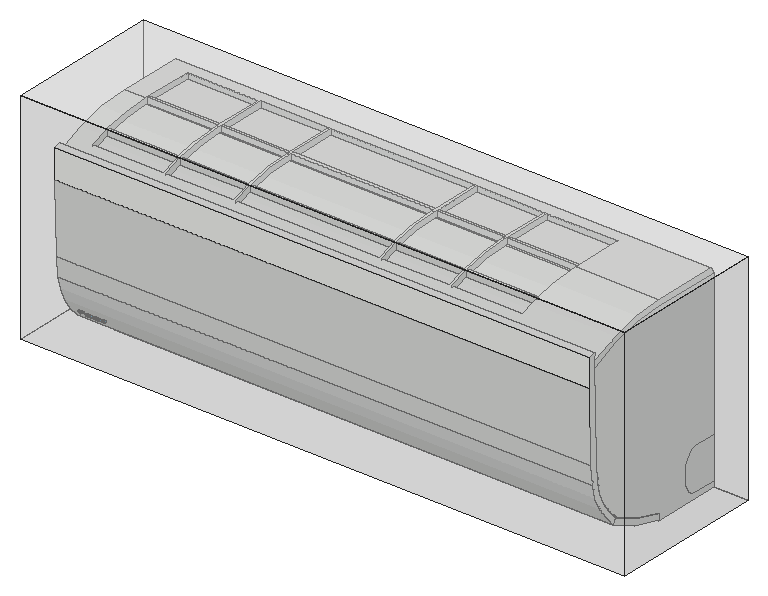
Revit family "outputfile", category 機械設備, Revit 2024
Family settings
  丸型コネクタ寸法 = 半径を使用
  パーツ タイプ = 標準
  OmniClass 番号 = 23.75.10.24.21.27.27
  OmniClass タイトル = Split System Air Conditioning Units
  作業面ベース = いいえ
  常に垂直 = はい
  ロード時にボイドで切り取り = いいえ
  注釈の向きを維持 = いいえ
  共有 = いいえ
  部屋計算ポイント = いいえ
Parameters (values of type "FTXF20W2VMA")
  Description = ""
  書き出し IFC クラス(タイプ) = "IfcUnitaryEquipmentType"
  定義済み IFC タイプ(タイプ) = "AIRCONDITIONINGUNIT"
  Cost = 0
  Type Comments = ""
  Keynote = ""
  Type Image = (empty or 0)
  Assembly Code = ""
  w_wall hole = if(Width = 770.0 mm, 48.0 mm, 60.0 mm)  # 48.0 mm
  製造元 = "Daikin"
  モデル = "FTXF20W2VMA"
  switch_frequency = yes
  r_Liquid Pipe Size = Liquid Pipe Size / 2  # 3.2 mm
  r_Gas Pipe Size = Gas Pipe Size / 2  # 4.75 mm
  r_Drain Pipe Size = Drain Pipe Size / 2  # 8.0 mm
  lw_powersupply [instance] = if(Width = 770.0 mm, if(or(Rear Right Connection_refrigerant, Bottom Right Connection_refrigerant), 25.0 mm, if(or(Rear Left Connection_refrigerant, Bottom Left Connection_refrigerant), 745.0 mm, 400.0 mm)), if(Width = 990.0 mm, if(or(Rear Right Connection_refrigerant, Bottom Right Connection_refrigerant), 40.0 mm, if(or(Rear Left Connection_refrigerant, Bottom Left Connection_refrigerant), 920.0 mm, 400.0 mm)), if(or(Rear Right Connection_refrigerant, Bottom Right Connection_refrigerant), 40.0 mm, if(or(Rear Left Connection_refrigerant, Bottom Left Connection_refrigerant), 920.0 mm, 400.0 mm))))  # 400.0 mm
  lw_liquidpipe [instance] = if(Width = 770.0 mm, if(or(Rear Right Connection_refrigerant, Bottom Right Connection_refrigerant), 0.0 mm, if(or(Rear Left Connection_refrigerant, Bottom Left Connection_refrigerant), 664.0 mm, 385.0 mm)), if(Width = 990.0 mm, if(or(Rear Right Connection_refrigerant, Bottom Right Connection_refrigerant), 0.0 mm, if(or(Rear Left Connection_refrigerant, Bottom Left Connection_refrigerant), 664.0 mm + (990.0 mm - 770.0 mm), 475.0 mm)), if(or(Rear Right Connection_refrigerant, Bottom Right Connection_refrigerant), 0.0 mm, if(or(Rear Left Connection_refrigerant, Bottom Left Connection_refrigerant), 664.0 mm + (990.0 mm - 770.0 mm), 475.0 mm))))  # 385.0 mm
  lw_gaspipe [instance] = if(Width = 770.0 mm, if(or(Rear Right Connection_refrigerant, Bottom Right Connection_refrigerant), 0.0 mm, if(or(Rear Left Connection_refrigerant, Bottom Left Connection_refrigerant), 675.0 mm, if(Gas Pipe Size = 12.7 mm, 335.0 mm, 335.0 mm))), if(Width = 990.0 mm, if(or(Rear Right Connection_refrigerant, Bottom Right Connection_refrigerant), 10.0 mm, if(or(Rear Left Connection_refrigerant, Bottom Left Connection_refrigerant), 890.0 mm, if(Gas Pipe Size = 15.9 mm, 400.0 mm, 400.0 mm))), if(or(Rear Right Connection_refrigerant, Bottom Right Connection_refrigerant), 10.0 mm, if(or(Rear Left Connection_refrigerant, Bottom Left Connection_refrigerant), 890.0 mm, if(Gas Pipe Size = 15.9 mm, 400.0 mm, 400.0 mm)))))  # 335.0 mm
  lw_drainpipe [instance] = if(Width = 770.0 mm, if(or(Rear Right Connection_refrigerant, Bottom Right Connection_refrigerant), 0.0 mm, if(or(Rear Left Connection_refrigerant, Bottom Left Connection_refrigerant), 770.0 mm - 48.0 mm - 48.0 mm, 440.0 mm)), if(Width = 990.0 mm, if(or(Rear Right Connection_refrigerant, Bottom Right Connection_refrigerant), 0.0 mm, if(or(Rear Left Connection_refrigerant, Bottom Left Connection_refrigerant), 675.0 mm + (990.0 mm - 770.0 mm), 435.0 mm)), if(or(Rear Right Connection_refrigerant, Bottom Right Connection_refrigerant), 0.0 mm, if(or(Rear Left Connection_refrigerant, Bottom Left Connection_refrigerant), 675.0 mm + (990.0 mm - 770.0 mm), 435.0 mm))))  # 440.0 mm
  l_powersupply_length [instance] = if(Width = 770.0 mm, if(Right Connection_refrigerant, 400.0 mm, if(Left Connection_refrigerant, 770.0 mm - 400.0 mm, if(or(Rear Left Connection_refrigerant, Rear Right Connection_refrigerant), 15.0 mm, 50.0 mm))), if(Width = 990.0 mm, if(Right Connection_refrigerant, 400.0 mm, if(Left Connection_refrigerant, 990.0 mm - 400.0 mm, if(or(Rear Left Connection_refrigerant, Rear Right Connection_refrigerant), 15.0 mm, 50.0 mm))), if(Right Connection_refrigerant, 400.0 mm, if(Left Connection_refrigerant, 990.0 mm - 400.0 mm, if(or(Rear Left Connection_refrigerant, Rear Right Connection_refrigerant), 15.0 mm, 50.0 mm)))))  # 400.0 mm
  l_liquidpipe_length [instance] = if(Width = 770.0 mm, if(Right Connection_refrigerant, 433.0 mm, if(Left Connection_refrigerant, 337.0 mm, if(or(Rear Left Connection_refrigerant, Rear Right Connection_refrigerant), 30.0 mm, 40.0 mm))), if(Width = 990.0 mm, if(Right Connection_refrigerant, 535.0 mm, if(Left Connection_refrigerant, 455.0 mm, if(or(Rear Left Connection_refrigerant, Rear Right Connection_refrigerant), 30.0 mm, 40.0 mm))), if(Right Connection_refrigerant, 535.0 mm, if(Left Connection_refrigerant, 455.0 mm, if(or(Rear Left Connection_refrigerant, Rear Right Connection_refrigerant), 30.0 mm, 40.0 mm)))))  # 433.0 mm
  l_gaspipe_length [instance] = if(Width = 770.0 mm, if(Right Connection_refrigerant, if(Gas Pipe Size = 12.7 mm, 383.0 mm, 383.0 mm), if(Left Connection_refrigerant, if(Gas Pipe Size = 12.7 mm, 770.0 mm - 383.0 mm, 770.0 mm - 383.0 mm), if(or(Rear Left Connection_refrigerant, Rear Right Connection_refrigerant), 40.0 mm, 50.0 mm))), if(Width = 990.0 mm, if(Right Connection_refrigerant, if(Gas Pipe Size = 15.9 mm, 460.0 mm, 460.0 mm), if(Left Connection_refrigerant, if(Gas Pipe Size = 15.9 mm, 990.0 mm - 460.0 mm, 990.0 mm - 460.0 mm), if(or(Rear Left Connection_refrigerant, Rear Right Connection_refrigerant), 40.0 mm, 50.0 mm))), if(Right Connection_refrigerant, if(Gas Pipe Size = 15.9 mm, 460.0 mm, 460.0 mm), if(Left Connection_refrigerant, if(Gas Pipe Size = 15.9 mm, 990.0 mm - 460.0 mm, 990.0 mm - 460.0 mm), if(or(Rear Left Connection_refrigerant, Rear Right Connection_refrigerant), 40.0 mm, 50.0 mm)))))  # 383.0 mm
  l_drainpipe_length [instance] = if(Width = 770.0 mm, if(Right Connection_refrigerant, 488.0 mm, if(Left Connection_refrigerant, 282.0 mm, if(or(Rear Left Connection_refrigerant, Rear Right Connection_refrigerant), 15.0 mm, 20.0 mm))), if(Width = 990.0 mm, if(Right Connection_refrigerant, 495.0 mm, if(Left Connection_refrigerant, 495.0 mm, if(or(Rear Left Connection_refrigerant, Rear Right Connection_refrigerant), 15.0 mm, 20.0 mm))), if(Right Connection_refrigerant, 495.0 mm, if(Left Connection_refrigerant, 495.0 mm, if(or(Rear Left Connection_refrigerant, Rear Right Connection_refrigerant), 15.0 mm, 20.0 mm)))))  # 488.0 mm
  h*** = 0.0 mm  # constant formula
  connector_voltage = Voltage_50Hz  # 230 V
  connector_powerinput = if([Power Input (Cooling)] > [Power Input (Heating)], [Power Input (Cooling)], [Power Input (Heating)])  # 0.000 kW
  connector_phase = Phase_50Hz  # 1
  angle_vertical [instance] = if(or(Bottom Left Connection_refrigerant, Bottom Right Connection_refrigerant), 0.00°, 90.00°)  # 90.00°
  angle_horizontal [instance] = if(Right Connection_refrigerant, 90.00°, if(Left Connection_refrigerant, -90.00°, if(or(Rear Left Connection_refrigerant, Rear Right Connection_refrigerant), 180.00°, 0.00°)))  # 90.00°
  Width = 770.0 mm
  Voltage_comment_50Hz = "220 - 240"
  Voltage_50Hz = 230 V
  Version = "ver.1.0"
  Unit Type = "Wall Mounted"
  Unit Mass Weight = 9.00 kg
  Unit Designation [instance] = ""
  Uniclass2015Version = "Products v1.30"
  Uniclass2015Title = "Split coil room air conditioning units"
  Uniclass2015Code = "Pr_70_65_03_86"
  URL = ""
  Total Heating Capacity [instance] = 0.000 kW
  Total Cooling Capacity [instance] = 0.000 kW
  Sound Pressure Level_M speed (dBA) = 33
  Sound Pressure Level_L speed (dBA) = 27
  Sound Pressure Level_H speed (dBA) = 39
  Sound Power Level_H speed (dB) = 0
  Series = "Single Split_Fan Coil Unit"
  Sensible Cooling Capacity [instance] = 0.000 kW
  Refrigerant Type = "R32"
  Power Input (Heating) = 0.000 kW
  Power Input (Cooling) = 0.000 kW
  Phase_50Hz = 1
  Option Accessory 3 [instance] = ""
  Option Accessory 2 [instance] = ""
  Option Accessory 1 [instance] = ""
  Nominal Heating Capacity = 2.500 kW
  Nominal Cooling Capacity = 2.000 kW
  Minimum Circuit Amps_50Hz = 0.0 A
  Minimum Airflow = 306.00 m³/h
  Median Airflow = 390.00 m³/h
  Maximum Fuse Amps_50Hz = 0.0 A
  Maximum Airflow = 546.00 m³/h
  Material_Casing = DAIKIN_PureWhite_Casing_indoorunit
  Load Classification = HVAC
  Liquid Pipe Size = 6.4 mm
  Link_Nested Family [instance] = ""
  IfcVersion = ""
  IfcExportType = "AIRCONDITIONINGUNIT"
  IfcExportAs = "IfcUnitaryEquipmentType"
  Height = 285.0 mm
  Heating Entering Wet Bulb Temperature [instance] = 0.00 °C
  Heating Entering Dry Bulb Temperature [instance] = 0.00 °C
  Heating Ambient Wet Bulb Temperature [instance] = 0.00 °C
  Heating Ambient Dry Bulb Temperature [instance] = 0.00 °C
  Heat Exchanger Type = "Cross Fin Coil"
  Gas Pipe Size = 9.5 mm
  Frequency_50Hz = 50 Hz
  Fan Type = "Cross Flow Fan"
  Fan Drive = "Direct Drive"
  FCU Tag No. [instance] = ""
  Drain Pipe Size = 16.0 mm
  Design Supply Airflow [instance] = 0.00 m³/h
  Depth = 223.0 mm
  既定の高さ = 0.0 mm
  Cooling Entering Wet Bulb Temperature [instance] = 0.00 °C
  Cooling Entering Dry Bulb Temperature [instance] = 0.00 °C
  Cooling Ambient Wet Bulb Temperature [instance] = 0.00 °C
  Cooling Ambient Dry Bulb Temperature [instance] = 0.00 °C
  Clearance visibility [instance] = yes
  Clearance Top = 30.0 mm
  Clearance Right = 50.0 mm
  Clearance Rear = 0.0 mm
  Clearance Left = 50.0 mm
  Clearance Front = 0.0 mm
  Clearance Bottom = 0.0 mm
  Bottom Right Connection_refrigerant [instance] = no
  Bottom Left Connection_refrigerant [instance] = no
  Rear Right Connection_refrigerant [instance] = no
  Rear Left Connection_refrigerant [instance] = no
  Right Connection_refrigerant [instance] = yes
  Left Connection_refrigerant [instance] = no
Reference planes
  plane 1 "Back": y = 0
  plane 2: z = 0
  plane 3 "Center (Left/Right)": x = 0
  plane 4 "Center (Front/Back)": y = -111.5
  plane 5 "Front": y = -223
  plane 6 "Left": x = -385
  plane 7 "Right": x = 385
  plane 8 "Top": z = 0
  plane 9 "Bottom": z = -285
  plane 10: x = -435
  plane 11: x = 435
  plane 12: y = 0
  plane 13: y = -223
  plane 14: z = 30
  plane 15: z = -285
  plane 16 "lw_Piping and Wiring intake": x = 337
  plane 17 "lw_gaspipe": x = 2
  plane 18 "lw_liquidpipe": x = -48
  plane 19 "lw_drainpipe": x = -103
  plane 20 "lh_drainpipe": z = -265
  plane 21 "lh_liquidpipe": z = -245
  plane 22 "lh_gaspipe": z = -235
  plane 23 "ld_drainpipe": y = -15
  plane 24 "ld_liquidpipe": y = -30
  plane 25 "ld_gaspipe": y = -40
  plane 26 "lw_powersupply": x = -15
Dimensions and locks
  equal spacing: plane 6 "Left", plane 3 "Center (Left/Right)", plane 7 "Right"
  "Width": plane 6 "Left" to plane 7 "Right"
  equal spacing: plane 5 "Front", plane 4 "Center (Front/Back)", plane 1 "Back"
  "Depth": plane 5 "Front" to plane 1 "Back"
  "Height": plane 8 "Top" to plane 9 "Bottom"
  "Clearance Rear": plane 12 to plane 1 "Back"
  "Clearance Front": plane 13 to plane 5 "Front"
  "Clearance Top": plane 14 to plane 8 "Top"
  "Clearance Bottom": plane 9 "Bottom" to plane 15
  "w_wall hole": plane 16 "lw_Piping and Wiring intake" to plane 7 "Right"
  "lw_gaspipe": plane 17 "lw_gaspipe" to plane 16 "lw_Piping and Wiring intake"
  "lw_liquidpipe": plane 18 "lw_liquidpipe" to plane 16 "lw_Piping and Wiring intake"
  "lw_drainpipe": plane 19 "lw_drainpipe" to plane 16 "lw_Piping and Wiring intake"
  locked: plane 20 "lh_drainpipe" to plane 9 "Bottom" at 20
  locked: plane 21 "lh_liquidpipe" to plane 9 "Bottom" at 40
  locked: plane 22 "lh_gaspipe" to plane 9 "Bottom" at 50
  locked: plane 23 "ld_drainpipe" to plane 1 "Back" at 15
  locked: plane 1 "Back" to plane 24 "ld_liquidpipe" at 30
  locked: plane 1 "Back" to plane 25 "ld_gaspipe" at 40
  "lw_powersupply": plane 26 "lw_powersupply" to plane 7 "Right"
  "Clearance Left": plane 10 to plane 6 "Left"
  "Clearance Right": plane 7 "Right" to plane 11
  aligned and locked: level to plane 2
  aligned and locked: plane 12 to nested 1
  aligned and locked: nested 1 to plane 13
  aligned and locked: plane 10 to nested 1
  aligned and locked: plane 11 to nested 1
  aligned and locked: plane 15 to nested 1
  aligned and locked: plane 14 to nested 1
  aligned and locked: plane 17 "lw_gaspipe" to nested 2
  aligned and locked: nested 2 to plane 25 "ld_gaspipe"
  aligned and locked: plane 18 "lw_liquidpipe" to nested 3
  aligned and locked: nested 3 to plane 24 "ld_liquidpipe"
  aligned and locked: plane 19 "lw_drainpipe" to nested 4
  aligned and locked: nested 4 to plane 23 "ld_drainpipe"
  aligned and locked: nested 5 to plane 23 "ld_drainpipe"
  aligned and locked: plane 26 "lw_powersupply" to nested 5
  aligned and locked: level to plane 8 "Top"
  aligned and locked: plane 3 "Center (Left/Right)" to nested 6
  aligned and locked: plane 1 "Back" to nested 6
  aligned and locked: plane 8 "Top" to nested 6
Nested families
  nested 1: "daikin_clearancespace" at (0, -111.5, -127.381), show <- "Clearance visibility", visible <- "Clearance visibility", Link_Nested Family <- "Link_Nested Family", type "daikin_clearancespace"
    with width 870.0 mm, show yes, height 315.0 mm, depth 223.0 mm, Link_Nested Family ""
  nested 2: "daikin_connector_rotate3" at (2, -40, -235), angle_vertical <- "angle_vertical", angle_horizontal <- "angle_horizontal", length <- "l_gaspipe_length", radius <- "r_Gas Pipe Size", type "daikin_connector_rotate3"
    with show no, radius 4.75 mm, length 383.0 mm, angle_vertical 90.00°, angle_horizontal 90.00°
  nested 3: "daikin_connector_rotate3" at (-48, -30, -245), angle_vertical <- "angle_vertical", angle_horizontal <- "angle_horizontal", radius <- "r_Liquid Pipe Size", length <- "l_liquidpipe_length", type "daikin_connector_rotate3"
    with show no, radius 3.2 mm, length 433.0 mm, angle_vertical 90.00°, angle_horizontal 90.00°
  nested 4: "daikin_connector_rotate3" at (-103, -15, -265), angle_vertical <- "angle_vertical", angle_horizontal <- "angle_horizontal", length <- "l_drainpipe_length", radius <- "r_Drain Pipe Size", type "daikin_connector_rotate3"
    with show no, radius 8.0 mm, length 488.0 mm, angle_vertical 90.00°, angle_horizontal 90.00°
  nested 5: "daikin_connector_rotate3" at (-15, -15, -235), angle_vertical <- "angle_vertical", angle_horizontal <- "angle_horizontal", length <- "l_powersupply_length", type "daikin_connector_rotate3"
    with show no, radius 10.0 mm, length 400.0 mm, angle_vertical 90.00°, angle_horizontal 90.00°
  nested 6: "DAIKIN_indoorunit_FTXF-W2VMA" at (-31, 0, 0), type "FTXF-W2VMA"
Connectors
  piping at (385, -40, -235), diameter 9.5, driven by "r_Gas Pipe Size"
    settings: on nested 2, index 1, connector inside diameter 609.6 mm, connector length 0.0 mm, flow factor 0, pipe flow 0.00 m³/h, pressure drop 0.0 Pa, fitting loss kfactor 0, connector angle 0.00°, fixture units 0, engagement length 0.0 mm, angle of deflection 0.00°, flow configuration 1, flow direction 2, fitting loss method 0, system type 29, joint type 0, gender type 0, connector reference index -1, connector utility 0, adjustable connector no, is connector primary yes, connector description "Refrigerant Gas Piping"
  piping at (385, -30, -245), diameter 6.4, driven by "r_Liquid Pipe Size"
    settings: on nested 3, index 2, connector inside diameter 609.6 mm, connector length 0.0 mm, flow factor 0, pipe flow 0.00 m³/h, pressure drop 0.0 Pa, fitting loss kfactor 0, connector angle 0.00°, fixture units 0, engagement length 0.0 mm, angle of deflection 0.00°, flow configuration 1, flow direction 1, fitting loss method 0, system type 29, joint type 0, gender type 0, connector reference index -1, connector utility 0, adjustable connector no, is connector primary no, connector description "Refrigerant Liquid Piping"
  piping at (385, -15, -265), diameter 16, driven by "r_Drain Pipe Size"
    settings: on nested 4, index 3, connector inside diameter 609.6 mm, connector length 0.0 mm, flow factor 0, pipe flow 0.00 m³/h, pressure drop 0.0 Pa, fitting loss kfactor 0, connector angle 0.00°, fixture units 0, engagement length 0.0 mm, angle of deflection 0.00°, flow configuration 1, flow direction 2, fitting loss method 4, system type 16, joint type 0, gender type 0, connector reference index -1, connector utility 0, adjustable connector no, is connector primary no, connector description "Condensate Drain Piping"
  electrical at (385, -15, -235), driven by "Load Classification", driven by "connector_powerinput", driven by "connector_voltage", driven by "connector_phase"
    settings: on nested 5, index 4, voltage 230 V, apparent load 0 VA, apparent load phase1 0 VA, apparent load phase2 0 VA, apparent load phase3 0 VA, power factor 1, load classification "HVAC", number of poles 1, system type 30, power factor state 1, is connector primary yes, connector utility no, sub classification motor no, connector description "Power Supply"
Definition of nested family "daikin_clearancespace"
  Parameters (values of type "daikin_clearancespace")
    Description = "daikin_clearancespace"
    width [instance] = 1823.963 mm
    show [instance] = yes
    material = none
    height [instance] = 1359.762 mm
    depth [instance] = 880.0 mm
    Default Elevation = 0.0 mm
    Link_Nested Family [instance] = ""
  Reference planes
    plane 1 "Center (Front/Back)": y = 0
    plane 2 "Center (Elevation)": z = -0.119
    plane 3 "Center (Left/Right)": x = 0
    plane 4: y = 440
    plane 5: y = -440
    plane 6 "Right": x = 911.982
    plane 7 "Left": x = -911.982
    plane 8 "Top": z = 679.762
    plane 9 "Bottom": z = -680
  Forms (mm)
    Extrusion 1, solid, material <- "material", visible <- "show"
      sketch origin (0, 0, 0) x (1, 0, 0) y (0, 1, 0)
        loop
          line (-911.982, 440) -> (-911.982, -440) -> (911.982, -440) -> (911.982, 440) -> (-911.982, 440)
      from -680 to 679.762
  Lines and regions (mm)
    symbolic lines, visible <- "show"
      curve 1: line (911.982, 440, 0) -> (-911.982, 440, 0)
      curve 2: line (-911.982, 440, 0) -> (-911.982, -440, 0)
      curve 3: line (-911.982, -440, 0) -> (911.982, -440, 0)
      curve 4: line (911.982, -440, 0) -> (911.982, 440, 0)
      curve 5: line (911.982, 0, 679.762) -> (-911.982, 0, 679.762)
      curve 6: line (911.982, 0, -680) -> (911.982, 0, 679.762)
      curve 7: line (-911.982, 0, -680) -> (911.982, 0, -680)
      curve 8: line (-911.982, 0, 679.762) -> (-911.982, 0, -680)
      curve 9: line (0, 440, 679.762) -> (0, -440, 679.762)
      curve 10: line (0, -440, 679.762) -> (0, -440, -680)
      curve 11: line (0, 440, -680) -> (0, 440, 679.762)
      curve 12: line (0, -440, -680) -> (0, 440, -680)
  Dimensions and locks
    "width": plane 7 "Left" to plane 6 "Right"
    "depth": plane 4 to plane 5
    "height": plane 8 "Top" to plane 9 "Bottom"
    equal spacing: plane 7 "Left", plane 3 "Center (Left/Right)", plane 6 "Right"
    equal spacing: plane 4, plane 1 "Center (Front/Back)", plane 5
    equal spacing: plane 8 "Top", plane 2 "Center (Elevation)", plane 9 "Bottom"
    aligned and locked: level to plane 2 "Center (Elevation)"
    aligned and locked: Extrusion 1 sketch curve to plane 4
    aligned and locked: plane 7 "Left" to Extrusion 1 sketch curve
    aligned and locked: Extrusion 1 sketch curve to plane 5
    aligned and locked: Extrusion 1 sketch curve to plane 6 "Right"
    aligned and locked: plane 8 "Top" to Extrusion 1
    aligned and locked: curve 1 to Extrusion 1
    aligned and locked: curve 2 to Extrusion 1
    aligned and locked: curve 3 to Extrusion 1
    aligned and locked: curve 4 to Extrusion 1
    aligned and locked: curve 5 to Extrusion 1
    aligned and locked: curve 6 to Extrusion 1
    aligned and locked: curve 7 to Extrusion 1
    aligned and locked: curve 8 to Extrusion 1
    aligned and locked: curve 9 to Extrusion 1
    aligned and locked: curve 10 to Extrusion 1
    aligned and locked: curve 11 to Extrusion 1
    aligned and locked: curve 12 to Extrusion 1
    aligned and locked: Extrusion 1 to plane 9 "Bottom"
Definition of nested family "DAIKIN_indoorunit_FTXF-W2VMA"
  Parameters (values of type "FTKF-TVMA")
    switch_unit1_60-71 = Width = 990.0 mm  # no
    switch_unit1_20-50 = Width = 770.0 mm  # yes
    Width = 770.0 mm
    WALL HOLE-R = if(Width = 770.0 mm, 48.0 mm, 60.0 mm)  # 48.0 mm
    WALL HOLE Size = if(Width = 770.0 mm, 65.0 mm, 80.0 mm)  # 65.0 mm
    Material_Casing = none
    Height = if(Width = 770.0 mm, 285.0 mm, 295.0 mm)  # 285.0 mm
    Default Elevation = 0.0 mm
  Reference planes
    plane 1 "Center (Front/Back)": y = 0
    plane 2 "reference_level": z = 0
    plane 3 "Center (Left/Right)": x = 31
    plane 4: x = -354
    plane 5: x = 416
    plane 6: z = -285
  Forms (mm)
    Extrusion 1, solid, material <- "Material_Casing", visible <- "switch_unit1_20-50"
      sketch origin (29, 0, 0) x (0, 1, 0) y (0, 0, 1)
        loop
          line (-5, 0) -> (-98, 0)
          arc (-98, 0) -> (-157.611, -7.211) -> (-213.783, -28.427) r 250
          arc (-213.783, -28.427) -> (-213.842, -32.972) -> (-213.892, -37.516) r 2191
          arc (-213.892, -37.516) -> (-157.832, -15.495) -> (-98.07, -8) r 242
          line (-98.07, -8) -> (0, -8) -> (-5, 0)
      from -383 to 387
    Extrusion 2, solid, material <- "Material_Casing", visible <- "switch_unit1_20-50"
      sketch origin (416, 1296.25, 1200) x (0, 1, 0) y (0, 0, 1)
        loop
          line (-1472.998, -1446.91) -> (-1476.998, -1453.839)
          arc (-1476.998, -1453.839) -> (-1437.481, -1472.422) -> (-1395.25, -1483.538) r 240
          line (-1395.25, -1483.538) -> (-1395.25, -1475.422)
          arc (-1395.25, -1475.422) -> (-1435.407, -1464.663) -> (-1472.998, -1446.91) r 232
      from 0 to -47.5
    Extrusion 3, solid, material <- "Material_Casing", visible <- "switch_unit1_20-50"
      sketch origin (29, 0, 0) x (0, 1, 0) y (0, 0, 1)
        loop
          arc (-223, -60.455) -> (-222.414, -110.646) -> (-220.656, -160.81) r 2149.92
          arc (-220.656, -160.81) -> (-219.65, -174.299) -> (-217.853, -187.706) r 229.911
          arc (-217.853, -187.706) -> (-205.371, -223.594) -> (-181.517, -253.17) r 111
          line (-181.517, -253.17) -> (-177.429, -246.093)
          arc (-177.429, -246.093) -> (-198.77, -218.989) -> (-209.965, -186.36) r 103
          arc (-209.965, -186.36) -> (-211.681, -173.586) -> (-212.651, -160.735) r 221.844
          arc (-212.651, -160.735) -> (-214.739, -93.233) -> (-214.74, -25.699) r 2186.828
          arc (-214.74, -25.699) -> (-214.671, -21.467) -> (-214.594, -17.235) r 2192
          line (-214.594, -17.235) -> (-223, -19.961) -> (-223, -60.455)
      from -383 to 387
    Extrusion 4, solid, material <- "Material_Casing", visible <- "switch_unit1_20-50"
      sketch origin (29, 0, -20) x (0, 1, 0) y (0, 0, 1)
        loop
          line (0, -265) -> (0, 12) -> (-98.07, 12)
          arc (-98.07, 12) -> (-157.832, 4.505) -> (-213.892, -17.516) r 242
          arc (-213.892, -17.516) -> (-213.638, -79.114) -> (-211.653, -140.681) r 2191
          arc (-211.653, -140.681) -> (-210.685, -153.501) -> (-208.973, -166.243) r 221
          arc (-208.973, -166.243) -> (-197.471, -199.282) -> (-175.482, -226.491) r 102
          arc (-175.482, -226.491) -> (-138.004, -244.019) -> (-98, -254.579) r 231
          line (-98, -254.579) -> (-98, -265) -> (0, -265)
      from -383 to 387
    Extrusion 5, solid, material <- "Material_Casing", visible <- "switch_unit1_20-50"
      sketch origin (-354, 1296.25, 1200) x (0, 1, 0) y (0, 0, 1)
        loop
          line (-1472.998, -1446.91) -> (-1476.998, -1453.839)
          arc (-1476.998, -1453.839) -> (-1437.481, -1472.422) -> (-1395.25, -1483.538) r 240
          line (-1395.25, -1483.538) -> (-1395.25, -1475.422)
          arc (-1395.25, -1475.422) -> (-1435.407, -1464.663) -> (-1472.998, -1446.91) r 232
      from 47 to 0
    Extrusion 6, solid, material <- "Material_Casing", visible <- "switch_unit1_20-50"
      sketch origin (416, 1296.25, 1200) x (0, 1, 0) y (0, 0, 1)
        loop
          line (-1472.998, -1446.91) -> (-1476.998, -1453.839)
          arc (-1476.998, -1453.839) -> (-1443.437, -1470.168) -> (-1407.75, -1481.097) r 240
          line (-1407.75, -1481.097) -> (-1407.75, -1472.894)
          arc (-1407.75, -1472.894) -> (-1441.363, -1462.385) -> (-1472.998, -1446.91) r 232
      from -116.993 to -48.493
    Extrusion 7, solid, material <- "Material_Casing", visible <- "switch_unit1_20-50"
      sketch origin (416, 1296.25, 1200) x (0, 1, 0) y (0, 0, 1)
        loop
          line (-1472.998, -1446.91) -> (-1476.998, -1453.839)
          arc (-1476.998, -1453.839) -> (-1443.437, -1470.168) -> (-1407.75, -1481.097) r 240
          line (-1407.75, -1481.097) -> (-1407.75, -1472.894)
          arc (-1407.75, -1472.894) -> (-1441.363, -1462.385) -> (-1472.998, -1446.91) r 232
      from -717 to -121.993
    Extrusion 8, void
      sketch origin (31, 0, -235) x (1, 0, 0) y (0, 1, 0)
        loop
          line (-252.674, -22.316) -> (-354.941, -22.316) -> (-354.941, -91.341) -> (-252.674, -91.341) -> (-252.674, -22.316)
        loop
          line (-249.341, -91.341) -> (-151.574, -91.341) -> (-151.574, -22.316) -> (-249.341, -22.316) -> (-249.341, -91.341)
        loop
          line (58.309, -22.316) -> (-148.309, -22.316) -> (-148.309, -91.341) -> (58.309, -91.341) -> (58.309, -22.316)
        loop
          line (61.689, -22.316) -> (61.689, -91.341) -> (159.457, -91.341) -> (159.457, -22.316) -> (61.689, -22.316)
        loop
          line (162.789, -22.316) -> (162.789, -91.341) -> (265.057, -91.341) -> (265.057, -22.316) -> (162.789, -22.316)
        loop
          line (-354.941, -94.659) -> (-354.941, -165.259) -> (-252.674, -165.259) -> (-252.674, -94.659) -> (-354.941, -94.659)
        loop
          line (-249.341, -94.659) -> (-249.341, -165.259) -> (-151.574, -165.259) -> (-151.574, -94.659) -> (-249.341, -94.659)
        loop
          line (-148.309, -94.659) -> (-148.309, -165.259) -> (58.309, -165.259) -> (58.309, -94.659) -> (-148.309, -94.659)
        loop
          line (61.689, -94.659) -> (61.689, -165.259) -> (159.457, -165.259) -> (159.457, -94.659) -> (61.689, -94.659)
        loop
          line (162.789, -94.659) -> (162.789, -165.259) -> (265.057, -165.259) -> (265.057, -94.659) -> (162.789, -94.659)
        loop
          line (-354.941, -167.382) -> (-354.941, -192.681) -> (-252.674, -192.681) -> (-252.674, -167.382) -> (-354.941, -167.382)
        loop
          line (-249.341, -167.382) -> (-249.341, -192.681) -> (-151.574, -192.681) -> (-151.574, -167.382) -> (-249.341, -167.382)
        loop
          line (-148.309, -167.382) -> (-148.309, -192.681) -> (58.309, -192.681) -> (58.309, -167.382) -> (-148.309, -167.382)
        loop
          line (159.457, -167.382) -> (61.689, -167.382) -> (61.689, -192.681) -> (159.457, -192.681) -> (159.457, -167.382)
        loop
          line (265.057, -167.382) -> (162.789, -167.382) -> (162.789, -192.681) -> (265.057, -192.681) -> (265.057, -167.382)
      from 201.638 to 250
    Extrusion 9, solid, material <- "Material_Casing"
      sketch origin (31, 0, 0) x (1, 0, 0) y (0, 0, 1)
        loop
          circle (337, -240.5) r 32.5
        loop
          circle (-337, -240.5) r 32.5
      from 0 to 5
    Extrusion 10, solid, material <- "Material_Casing", visible <- "switch_unit1_20-50"
      sketch origin (416, 1296.25, 1200) x (0, -1, 0) y (0, 0, 1)
        loop
          line (1326.25, -1417) -> (1296.25, -1417) -> (1296.25, -1477) -> (1326.25, -1477)
          arc (1326.25, -1477) -> (1340.393, -1471.142) -> (1346.25, -1457) r 20
          line (1346.25, -1457) -> (1346.25, -1437)
          arc (1346.25, -1437) -> (1340.393, -1422.858) -> (1326.25, -1417) r 20
      from 0 to 5
    Extrusion 11, solid, material <- "Material_Casing", visible <- "switch_unit1_20-50"
      sketch origin (-354, 1296.25, 1200) x (0, 1, 0) y (0, 0, 1)
        loop
          line (-1296.25, -1417) -> (-1326.25, -1417)
          arc (-1326.25, -1417) -> (-1340.393, -1422.858) -> (-1346.25, -1437) r 20
          line (-1346.25, -1437) -> (-1346.25, -1457)
          arc (-1346.25, -1457) -> (-1340.393, -1471.142) -> (-1326.25, -1477) r 20
          line (-1326.25, -1477) -> (-1296.25, -1477) -> (-1296.25, -1417)
      from 0 to 5
    Extrusion 12, solid, material <- "Material_Casing", visible <- "switch_unit1_20-50"
      sketch origin (31, 0, -285) x (-1, 0, 0) y (0, -1, 0)
        loop
          line (-314, 0) -> (-314, 30)
          arc (-314, 30) -> (-319.858, 44.142) -> (-334, 50) r 20
          line (-334, 50) -> (-354, 50)
          arc (-354, 50) -> (-368.142, 44.142) -> (-374, 30) r 20
          line (-374, 30) -> (-374, 0) -> (-314, 0)
        loop
          line (374, 0) -> (374, 30)
          arc (374, 30) -> (368.142, 44.142) -> (354, 50) r 20
          line (354, 50) -> (334, 50)
          arc (334, 50) -> (319.858, 44.142) -> (314, 30) r 20
          line (314, 30) -> (314, 0) -> (374, 0)
      from 0 to 5
    Extrusion 13, solid, material <- "Material_Casing", visible <- "switch_unit1_60-71"
      sketch origin (31, 0, 0) x (0, 1, 0) y (0, 0, 1)
        loop
          line (-5, 0) -> (-138, 0)
          arc (-138, 0) -> (-197.611, -7.211) -> (-253.783, -28.427) r 250
          arc (-253.783, -28.427) -> (-253.838, -32.687) -> (-253.886, -36.946) r 2191
          arc (-253.886, -36.946) -> (-197.73, -15.346) -> (-138.014, -8) r 246.393
          line (-138.014, -8) -> (0, -8) -> (-5, 0)
      from -495 to 495
    Extrusion 14, solid, material <- "Material_Casing", visible <- "switch_unit1_60-71"
      sketch origin (418, 1296.25, 1200) x (0, 1, 0) y (0, 0, 1)
        loop
          arc (-1515.208, -1454.149) -> (-1506.856, -1460.599) -> (-1497.925, -1466.219) r 110
          arc (-1497.925, -1466.219) -> (-1445.718, -1487.493) -> (-1389.844, -1494.995) r 223
          line (-1389.844, -1494.995) -> (-1389.844, -1486.086) -> (-1404.386, -1486.086)
          arc (-1404.386, -1486.086) -> (-1449.542, -1477.46) -> (-1491.818, -1459.402) r 214.289
          arc (-1491.818, -1459.402) -> (-1501.056, -1453.541) -> (-1509.606, -1446.715) r 101
          line (-1509.606, -1446.715) -> (-1515.208, -1454.149)
      from 108 to 57.5
    Extrusion 15, solid, material <- "Material_Casing", visible <- "switch_unit1_60-71"
      sketch origin (31, 0, 0) x (0, 1, 0) y (0, 0, 1)
        loop
          line (-263, -19.962) -> (-263, -61.6)
          arc (-263, -61.6) -> (-262.414, -110.219) -> (-260.656, -158.81) r 2017.341
          arc (-260.656, -158.81) -> (-255.648, -191.935) -> (-244.041, -223.362) r 164.725
          arc (-244.041, -223.362) -> (-233.569, -239.793) -> (-219.717, -253.495) r 87.379
          line (-219.717, -253.495) -> (-214.706, -246.846)
          arc (-214.706, -246.846) -> (-229.564, -230.029) -> (-240.385, -210.371) r 102
          arc (-240.385, -210.371) -> (-249.049, -182.962) -> (-252.848, -154.467) r 165.789
          arc (-252.848, -154.467) -> (-254.771, -90.102) -> (-254.74, -25.708) r 2122.533
          arc (-254.74, -25.708) -> (-254.671, -21.469) -> (-254.594, -17.23) r 2192
          line (-254.594, -17.23) -> (-263, -19.962)
      from -495 to 495
    Extrusion 16, void
      sketch origin (33, 0, 0) x (1, 0, 0) y (0, 1, 0)
        loop
          line (-466.909, -22.316) -> (-466.909, -111.341) -> (-366.303, -111.341) -> (-366.303, -22.316) -> (-466.909, -22.316)
        loop
          line (-362.71, -22.316) -> (-362.71, -111.341) -> (-262.103, -111.341) -> (-262.103, -22.316) -> (-362.71, -22.316)
        loop
          line (-258.51, -22.316) -> (-258.51, -111.341) -> (-157.904, -111.341) -> (-157.904, -22.316) -> (-258.51, -22.316)
        loop
          line (-154.31, -22.316) -> (-154.31, -111.341) -> (-53.704, -111.341) -> (-53.704, -22.316) -> (-154.31, -22.316)
        loop
          line (-50.11, -22.316) -> (-50.11, -111.341) -> (50.496, -111.341) -> (50.496, -22.316) -> (-50.11, -22.316)
        loop
          line (54.089, -22.316) -> (54.089, -111.341) -> (154.696, -111.341) -> (154.696, -22.316) -> (54.089, -22.316)
        loop
          line (158.289, -22.316) -> (158.289, -111.341) -> (258.895, -111.341) -> (258.895, -22.316) -> (158.289, -22.316)
        loop
          line (262.489, -22.316) -> (262.489, -111.341) -> (363.095, -111.341) -> (363.095, -22.316) -> (262.489, -22.316)
        loop
          line (-466.909, -114.459) -> (-466.909, -185.059) -> (-366.303, -185.059) -> (-366.303, -114.459) -> (-466.909, -114.459)
        loop
          line (-362.71, -114.459) -> (-362.71, -185.059) -> (-262.103, -185.059) -> (-262.103, -114.459) -> (-362.71, -114.459)
        loop
          line (-258.51, -114.459) -> (-258.51, -185.059) -> (-157.904, -185.059) -> (-157.904, -114.459) -> (-258.51, -114.459)
        loop
          line (-154.31, -114.459) -> (-154.31, -185.059) -> (-53.704, -185.059) -> (-53.704, -114.459) -> (-154.31, -114.459)
        loop
          line (-50.11, -114.459) -> (-50.11, -185.059) -> (50.496, -185.059) -> (50.496, -114.459) -> (-50.11, -114.459)
        loop
          line (54.089, -114.459) -> (54.089, -185.059) -> (154.696, -185.059) -> (154.696, -114.459) -> (54.089, -114.459)
        loop
          line (158.289, -114.459) -> (158.289, -185.059) -> (258.895, -185.059) -> (258.895, -114.459) -> (158.289, -114.459)
        loop
          line (262.489, -114.459) -> (262.489, -185.059) -> (363.095, -185.059) -> (363.095, -114.459) -> (262.489, -114.459)
        loop
          line (-466.909, -187.382) -> (-466.909, -232.681) -> (-366.303, -232.681) -> (-366.303, -187.382) -> (-466.909, -187.382)
        loop
          line (-362.71, -187.382) -> (-362.71, -232.681) -> (-262.103, -232.681) -> (-262.103, -187.382) -> (-362.71, -187.382)
        loop
          line (-258.51, -187.382) -> (-258.51, -232.681) -> (-157.904, -232.681) -> (-157.904, -187.382) -> (-258.51, -187.382)
        loop
          line (-154.31, -187.382) -> (-154.31, -232.681) -> (-53.704, -232.681) -> (-53.704, -187.382) -> (-154.31, -187.382)
        loop
          line (-50.11, -187.382) -> (-50.11, -232.681) -> (50.496, -232.681) -> (50.496, -187.382) -> (-50.11, -187.382)
        loop
          line (54.089, -187.382) -> (54.089, -232.681) -> (154.696, -232.681) -> (154.696, -187.382) -> (54.089, -187.382)
        loop
          line (158.289, -187.382) -> (158.289, -232.681) -> (258.895, -232.681) -> (258.895, -187.382) -> (158.289, -187.382)
        loop
          line (262.489, -187.382) -> (262.489, -232.681) -> (363.095, -232.681) -> (363.095, -187.382) -> (262.489, -187.382)
      from -40.013 to 47.268
    Extrusion 17, solid, material <- "Material_Casing", visible <- "switch_unit1_60-71"
      sketch origin (-356, 1296.25, 1200) x (0, 1, 0) y (0, 0, -1)
        loop
          line (-1515.208, 1454.149) -> (-1509.606, 1446.715)
          arc (-1509.606, 1446.715) -> (-1501.056, 1453.541) -> (-1491.818, 1459.402) r 101
          arc (-1491.818, 1459.402) -> (-1449.542, 1477.46) -> (-1404.386, 1486.086) r 214.289
          line (-1404.386, 1486.086) -> (-1389.844, 1486.086) -> (-1389.844, 1494.995)
          arc (-1389.844, 1494.995) -> (-1445.718, 1487.493) -> (-1497.925, 1466.219) r 223
          arc (-1497.925, 1466.219) -> (-1506.856, 1460.599) -> (-1515.208, 1454.149) r 110
      from 108 to 61
    Extrusion 18, solid, material <- "Material_Casing", visible <- "switch_unit1_60-71"
      sketch origin (418, 1296.25, 1200) x (0, 1, 0) y (0, 0, 1)
        loop
          arc (-1515.208, -1454.149) -> (-1506.856, -1460.599) -> (-1497.925, -1466.219) r 110
          arc (-1497.925, -1466.219) -> (-1463.185, -1482.066) -> (-1426.25, -1491.755) r 223
          line (-1426.25, -1491.755) -> (-1426.25, -1483.166)
          arc (-1426.25, -1483.166) -> (-1460.008, -1473.969) -> (-1491.818, -1459.402) r 214.289
          arc (-1491.818, -1459.402) -> (-1501.056, -1453.541) -> (-1509.606, -1446.715) r 101
          line (-1509.606, -1446.715) -> (-1515.208, -1454.149)
      from 56.5 to -36.993
    Extrusion 19, solid, material <- "Material_Casing", visible <- "switch_unit1_60-71"
      sketch origin (418, 1296.25, 1200) x (0, 1, 0) y (0, 0, 1)
        loop
          arc (-1426.25, -1483.166) -> (-1443.442, -1479.224) -> (-1460.25, -1473.881) r 214.289
          line (-1460.25, -1473.881) -> (-1460.25, -1483.089)
          arc (-1460.25, -1483.089) -> (-1443.421, -1488.091) -> (-1426.25, -1491.755) r 223
          line (-1426.25, -1491.755) -> (-1426.25, -1483.166)
      from -43.493 to -828.893
    Extrusion 20, solid, material <- "Material_Casing", visible <- "switch_unit1_60-71"
      sketch origin (418, 1296.25, 1200) x (0, 1, 0) y (0, 0, 1)
        loop
          arc (-1515.208, -1454.149) -> (-1506.856, -1460.599) -> (-1497.925, -1466.219) r 110
          arc (-1497.925, -1466.219) -> (-1479.479, -1475.527) -> (-1460.25, -1483.089) r 223
          line (-1460.25, -1483.089) -> (-1460.25, -1473.881)
          arc (-1460.25, -1473.881) -> (-1476.328, -1467.282) -> (-1491.818, -1459.402) r 214.289
          arc (-1491.818, -1459.402) -> (-1501.056, -1453.541) -> (-1509.606, -1446.715) r 101
          line (-1509.606, -1446.715) -> (-1515.208, -1454.149)
      from -43.493 to -828.893
    Extrusion 21, solid, material <- "Material_Casing", visible <- "switch_unit1_60-71"
      sketch origin (31, 0, -30) x (0, 1, 0) y (0, 0, 1)
        loop
          line (0, 22) -> (-138.014, 22)
          arc (-138.014, 22) -> (-197.73, 14.654) -> (-253.886, -6.946) r 246.393
          arc (-253.886, -6.946) -> (-253.682, -65.635) -> (-251.855, -124.295) r 2120.935
          arc (-251.855, -124.295) -> (-248.086, -152.682) -> (-239.461, -179.988) r 164.789
          arc (-239.461, -179.988) -> (-228.903, -199.231) -> (-214.437, -215.738) r 101
          line (-214.437, -215.738) -> (-212.406, -216.221)
          arc (-212.406, -216.221) -> (-204.07, -222.837) -> (-195.079, -228.53) r 100
          arc (-195.079, -228.53) -> (-145.557, -248.629) -> (-92.593, -255.785) r 213.289
          line (-92.593, -255.785) -> (-92.593, -265) -> (0, -265) -> (0, 22)
      from -495 to 495
    Extrusion 22, solid, material <- "Material_Casing", visible <- "switch_unit1_60-71"
      sketch origin (526, 1296.25, 1200) x (0, -1, 0) y (0, 0, 1)
        loop
          line (1326.25, -1427.035) -> (1296.25, -1427.035) -> (1296.25, -1487.035) -> (1326.25, -1487.035)
          arc (1326.25, -1487.035) -> (1340.393, -1481.177) -> (1346.25, -1467.035) r 20
          line (1346.25, -1467.035) -> (1346.25, -1447.035)
          arc (1346.25, -1447.035) -> (1340.393, -1432.892) -> (1326.25, -1427.035) r 20
      from 0 to 5
    Extrusion 23, solid, material <- "Material_Casing", visible <- "switch_unit1_60-71"
      sketch origin (-459, 1296.25, 1200) x (0, -1, 0) y (0, 0, 1)
        loop
          line (1326.25, -1427.035) -> (1296.25, -1427.035) -> (1296.25, -1487.035) -> (1326.25, -1487.035)
          arc (1326.25, -1487.035) -> (1340.393, -1481.177) -> (1346.25, -1467.035) r 20
          line (1346.25, -1467.035) -> (1346.25, -1447.035)
          arc (1346.25, -1447.035) -> (1340.393, -1432.892) -> (1326.25, -1427.035) r 20
      from 0 to 5
    Extrusion 24, solid, material <- "Material_Casing", visible <- "switch_unit1_60-71"
      sketch origin (31, 200, -295) x (-1, 0, 0) y (0, -1, 0)
        loop
          line (469, 200) -> (469, 230)
          arc (469, 230) -> (463.142, 244.142) -> (449, 250) r 20
          line (449, 250) -> (429, 250)
          arc (429, 250) -> (414.858, 244.142) -> (409, 230) r 20
          line (409, 230) -> (409, 200) -> (469, 200)
        loop
          line (-469, 200) -> (-409, 200) -> (-409, 230)
          arc (-409, 230) -> (-414.858, 244.142) -> (-429, 250) r 20
          line (-429, 250) -> (-449, 250)
          arc (-449, 250) -> (-463.142, 244.142) -> (-469, 230) r 20
          line (-469, 230) -> (-469, 200)
      from 0 to 5
  Cuts and joins
    Extrusion 8 cuts Extrusion 1
    Extrusion 16 cuts Extrusion 13
  Lines and regions (mm)
    reference lines
      curve 1: line (-523, -201.911, -229.404) -> (-523, -193.542, -239.977)
      curve 2: line (-523, -240.779, -229.404) -> (-523, -232.411, -239.977)
  Dimensions and locks
    locked: Extrusion 10 sketch curve to Extrusion 10 sketch curve at 60
    locked: Extrusion 10 sketch curve to Extrusion 10 sketch curve at 50
    locked: Extrusion 12 sketch curve to Extrusion 12 sketch curve at 60  (x2)
    locked: Extrusion 12 sketch curve to Extrusion 12 sketch curve at 50
    equal spacing: plane 5, plane 3 "Center (Left/Right)", plane 4
    "Width": plane 5 to plane 4
    locked: Extrusion 9 sketch curve to plane 4 at 48
    "WALL HOLE-R": plane 5 to Extrusion 9 sketch curve
    "Height": plane 2 "reference_level" to plane 6
    locked: Extrusion 9 sketch curve to plane 6 at 44.5  (x2)
    locked: Extrusion 15 to nested 2 at 15
    locked: Extrusion 22 sketch curve to Extrusion 22 sketch curve at 60
    locked: Extrusion 22 sketch curve to Extrusion 22 sketch curve at 50
    locked: Extrusion 23 sketch curve to Extrusion 23 sketch curve at 60
    locked: Extrusion 23 sketch curve to Extrusion 23 sketch curve at 50
    locked: Extrusion 24 sketch curve to Extrusion 24 sketch curve at 60  (x2)
    locked: Extrusion 24 sketch curve to Extrusion 24 sketch curve at 50  (x2)
    "WALL HOLE Size": diameter of Extrusion 9 sketch curve  (x2)
    aligned and locked: level to plane 2 "reference_level"
    aligned and locked: nested 1 to curve 1
    aligned and locked: Extrusion 11 sketch curve to Extrusion 10  (x4)
    aligned and locked: Extrusion 12 sketch curve to Extrusion 12 sketch curve  (x2)
    aligned and locked: Extrusion 9 to plane 1 "Center (Front/Back)"
    aligned and locked: nested 2 to curve 2
  Automatic sketch dimensions
    curve 1 to level = 239.977 mm
    plane 1 "Center (Front/Back)" to curve 1 = 193.542 mm
    curve 2 to curve 1 = 0.0 mm
    curve 2 to curve 2 = 10.573 mm
    curve 1 to curve 1 = 10.573 mm
    curve 1 to curve 1 = 8.368 mm
    curve 1 to curve 2 = 30.5 mm
    curve 2 to curve 2 = 8.368 mm
    Extrusion 1 sketch curve to level = 0.0 mm
    Extrusion 1 sketch curve to plane 1 "Center (Front/Back)" = 0.0 mm
    plane 1 "Center (Front/Back)" to Extrusion 1 sketch curve = 5.0 mm
    plane 1 "Center (Front/Back)" to Extrusion 1 sketch curve = 98.0 mm
    Extrusion 1 sketch curve to Extrusion 1 sketch curve = 0.07 mm
    Extrusion 1 sketch curve to level = 59.292 mm
    Extrusion 1 sketch curve to plane 1 "Center (Front/Back)" = 1977.0 mm
    Extrusion 1 sketch curve to level = 250.0 mm
    Extrusion 1 sketch curve to Extrusion 1 sketch curve = 0.0 mm
    Extrusion 1 sketch curve to level = 8.0 mm
    Extrusion 1 sketch curve to level = 28.427 mm
    plane 1 "Center (Front/Back)" to Extrusion 2 sketch curve = 180.748 mm
    Extrusion 2 sketch curve to Extrusion 2 sketch curve = 4.0 mm
    Extrusion 2 sketch curve to Extrusion 2 sketch curve = 77.747 mm
    plane 1 "Center (Front/Back)" to Extrusion 2 sketch curve = 59.279 mm
    Extrusion 2 sketch curve to Extrusion 2 sketch curve = 0.0 mm
    Extrusion 2 sketch curve to level = 283.538 mm
    Extrusion 2 sketch curve to Extrusion 2 sketch curve = 8.116 mm
    Extrusion 2 sketch curve to Extrusion 2 sketch curve = 21.583 mm
    Extrusion 2 sketch curve to Extrusion 2 sketch curve = 6.929 mm
    Extrusion 3 sketch curve to level = 19.961 mm
    plane 1 "Center (Front/Back)" to Extrusion 3 sketch curve = 223.0 mm
    Extrusion 3 sketch curve to level = 17.235 mm
    Extrusion 3 sketch curve to Extrusion 3 sketch curve = 8.406 mm
    plane 1 "Center (Front/Back)" to Extrusion 3 sketch curve = 181.517 mm
    Extrusion 3 sketch curve to Extrusion 3 sketch curve = 4.087 mm
    Extrusion 3 sketch curve to Extrusion 3 sketch curve = 69.11 mm
    Extrusion 3 sketch curve to Extrusion 3 sketch curve = 0.001 mm
    Extrusion 3 sketch curve to plane 1 "Center (Front/Back)" = 8.955 mm
    Extrusion 3 sketch curve to Extrusion 3 sketch curve = 0.067 mm
    Extrusion 3 sketch curve to level = 60.455 mm
    Extrusion 3 sketch curve to Extrusion 3 sketch curve = 1917.898 mm
    Extrusion 3 sketch curve to Extrusion 3 sketch curve = 44.907 mm
    Extrusion 3 sketch curve to Extrusion 3 sketch curve = 5.172 mm
    Extrusion 3 sketch curve to level = 150.456 mm
    Extrusion 3 sketch curve to Extrusion 3 sketch curve = 0.006 mm
    Extrusion 3 sketch curve to Extrusion 3 sketch curve = 19.265 mm
    Extrusion 3 sketch curve to Extrusion 3 sketch curve = 0.004 mm
    Extrusion 3 sketch curve to Extrusion 3 sketch curve = 76.368 mm
    Extrusion 3 sketch curve to Extrusion 3 sketch curve = 7.077 mm
    Extrusion 3 sketch curve to Extrusion 3 sketch curve = 1.002 mm
    Extrusion 3 sketch curve to Extrusion 3 sketch curve = 0.046 mm
    Extrusion 3 sketch curve to Extrusion 3 sketch curve = 8.005 mm
    Extrusion 3 sketch curve to Extrusion 3 sketch curve = 0.147 mm
    Extrusion 3 sketch curve to Extrusion 3 sketch curve = 0.0 mm
    Extrusion 4 sketch curve to plane 1 "Center (Front/Back)" = 0.0 mm
    plane 1 "Center (Front/Back)" to Extrusion 4 sketch curve = 59.278 mm
    Extrusion 4 sketch curve to Extrusion 4 sketch curve = 98.0 mm
    Extrusion 4 sketch curve to Extrusion 4 sketch curve = 0.0 mm  (x3)
    Extrusion 4 sketch curve to level = 8.0 mm
    Extrusion 4 sketch curve to Extrusion 4 sketch curve = 38.791 mm
    Extrusion 4 sketch curve to Extrusion 4 sketch curve = 10.249 mm
    Extrusion 4 sketch curve to plane 1 "Center (Front/Back)" = 9.11 mm
    Extrusion 4 sketch curve to level = 59.292 mm
    Extrusion 4 sketch curve to Extrusion 4 sketch curve = 1967.89 mm
    Extrusion 4 sketch curve to Extrusion 4 sketch curve = 142.454 mm
    Extrusion 4 sketch curve to Extrusion 4 sketch curve = 19.271 mm
    Extrusion 4 sketch curve to Extrusion 4 sketch curve = 80.275 mm
    Extrusion 4 sketch curve to Extrusion 4 sketch curve = 24.579 mm
    Extrusion 4 sketch curve to Extrusion 4 sketch curve = 10.421 mm
    Extrusion 4 sketch curve to level = 46.847 mm
    Extrusion 4 sketch curve to Extrusion 4 sketch curve = 77.412 mm
    Extrusion 4 sketch curve to Extrusion 4 sketch curve = 33.49 mm
    Extrusion 4 sketch curve to Extrusion 4 sketch curve = 2.68 mm
    plane 1 "Center (Front/Back)" to Extrusion 5 sketch curve = 180.748 mm
    Extrusion 5 sketch curve to Extrusion 5 sketch curve = 4.0 mm
    Extrusion 5 sketch curve to Extrusion 5 sketch curve = 77.747 mm
    plane 1 "Center (Front/Back)" to Extrusion 5 sketch curve = 59.279 mm
    Extrusion 5 sketch curve to Extrusion 5 sketch curve = 0.0 mm
    Extrusion 5 sketch curve to level = 283.538 mm
    Extrusion 5 sketch curve to Extrusion 5 sketch curve = 8.116 mm
    Extrusion 5 sketch curve to Extrusion 5 sketch curve = 21.583 mm
    Extrusion 5 sketch curve to Extrusion 5 sketch curve = 6.929 mm
    plane 1 "Center (Front/Back)" to Extrusion 6 sketch curve = 180.748 mm
    Extrusion 6 sketch curve to Extrusion 6 sketch curve = 4.0 mm
    Extrusion 6 sketch curve to Extrusion 6 sketch curve = 65.247 mm
    plane 1 "Center (Front/Back)" to Extrusion 6 sketch curve = 59.279 mm
    Extrusion 6 sketch curve to Extrusion 6 sketch curve = 0.0 mm
    Extrusion 6 sketch curve to level = 281.097 mm
    Extrusion 6 sketch curve to Extrusion 6 sketch curve = 8.203 mm
    Extrusion 6 sketch curve to Extrusion 6 sketch curve = 19.055 mm
    Extrusion 6 sketch curve to Extrusion 6 sketch curve = 6.929 mm
    plane 1 "Center (Front/Back)" to Extrusion 7 sketch curve = 180.748 mm
    Extrusion 7 sketch curve to Extrusion 7 sketch curve = 4.0 mm
    Extrusion 7 sketch curve to Extrusion 7 sketch curve = 65.247 mm
    plane 1 "Center (Front/Back)" to Extrusion 7 sketch curve = 59.279 mm
    Extrusion 7 sketch curve to Extrusion 7 sketch curve = 0.0 mm
    Extrusion 7 sketch curve to level = 281.097 mm
    Extrusion 7 sketch curve to Extrusion 7 sketch curve = 8.203 mm
    Extrusion 7 sketch curve to Extrusion 7 sketch curve = 19.055 mm
    Extrusion 7 sketch curve to Extrusion 7 sketch curve = 6.929 mm
    plane 1 "Center (Front/Back)" to Extrusion 8 sketch curve = 165.259 mm  (x2)
    Extrusion 8 sketch curve to plane 3 "Center (Left/Right)" = 354.941 mm
    plane 1 "Center (Front/Back)" to Extrusion 8 sketch curve = 22.316 mm  (x3)
    Extrusion 8 sketch curve to Extrusion 8 sketch curve = 0.0 mm  (x26)
    Extrusion 8 sketch curve to Extrusion 8 sketch curve = 102.268 mm  (x2)
    Extrusion 8 sketch curve to Extrusion 8 sketch curve = 3.332 mm  (x4)
    Extrusion 8 sketch curve to Extrusion 8 sketch curve = 97.768 mm  (x2)
    Extrusion 8 sketch curve to Extrusion 8 sketch curve = 3.264 mm  (x3)
    plane 3 "Center (Left/Right)" to Extrusion 8 sketch curve = 58.309 mm
    Extrusion 8 sketch curve to Extrusion 8 sketch curve = 3.38 mm  (x3)
    Extrusion 8 sketch curve to Extrusion 8 sketch curve = 2.124 mm  (x6)
    Extrusion 8 sketch curve to Extrusion 8 sketch curve = 25.299 mm  (x2)
    Extrusion 8 sketch curve to Extrusion 8 sketch curve = 70.6 mm
    Extrusion 8 sketch curve to Extrusion 8 sketch curve = 3.317 mm  (x4)
    Extrusion 10 sketch curve to plane 1 "Center (Front/Back)" = 0.0 mm
    Extrusion 10 sketch curve to Extrusion 10 sketch curve = 20.0 mm  (x2)
    Extrusion 10 sketch curve to level = 277.0 mm
    plane 1 "Center (Front/Back)" to Extrusion 12 sketch curve = 0.0 mm
    plane 3 "Center (Left/Right)" to Extrusion 12 sketch curve = 374.0 mm
    Extrusion 12 sketch curve to Extrusion 12 sketch curve = 20.0 mm  (x3)
    plane 1 "Center (Front/Back)" to Extrusion 12 sketch curve = 30.0 mm
    Extrusion 12 sketch curve to plane 3 "Center (Left/Right)" = 314.0 mm
    Extrusion 13 sketch curve to level = 0.0 mm
    Extrusion 13 sketch curve to plane 1 "Center (Front/Back)" = 0.0 mm
    plane 1 "Center (Front/Back)" to Extrusion 13 sketch curve = 5.0 mm
    Extrusion 13 sketch curve to Extrusion 13 sketch curve = 133.0 mm
    Extrusion 13 sketch curve to Extrusion 13 sketch curve = 0.013 mm
    Extrusion 13 sketch curve to level = 59.292 mm
    Extrusion 13 sketch curve to plane 1 "Center (Front/Back)" = 1937.0 mm
    Extrusion 13 sketch curve to Extrusion 13 sketch curve = 250.0 mm
    Extrusion 13 sketch curve to Extrusion 13 sketch curve = 4.393 mm
    Extrusion 13 sketch curve to level = 8.0 mm
    Extrusion 13 sketch curve to level = 28.427 mm
    plane 1 "Center (Front/Back)" to Extrusion 14 sketch curve = 218.957 mm
    Extrusion 14 sketch curve to Extrusion 14 sketch curve = 5.601 mm
    Extrusion 14 sketch curve to Extrusion 14 sketch curve = 65.735 mm
    Extrusion 14 sketch curve to Extrusion 14 sketch curve = 1.462 mm
    plane 1 "Center (Front/Back)" to Extrusion 14 sketch curve = 108.136 mm
    Extrusion 14 sketch curve to Extrusion 14 sketch curve = 14.543 mm
    plane 1 "Center (Front/Back)" to Extrusion 14 sketch curve = 92.093 mm
    Extrusion 14 sketch curve to Extrusion 14 sketch curve = 1.354 mm
    Extrusion 14 sketch curve to level = 294.995 mm
    Extrusion 14 sketch curve to Extrusion 14 sketch curve = 8.909 mm
    Extrusion 14 sketch curve to Extrusion 14 sketch curve = 31.937 mm
    Extrusion 14 sketch curve to Extrusion 14 sketch curve = 7.433 mm
    Extrusion 14 sketch curve to Extrusion 14 sketch curve = 75.403 mm
    Extrusion 14 sketch curve to Extrusion 14 sketch curve = 0.896 mm
    Extrusion 14 sketch curve to level = 72.504 mm
    Extrusion 14 sketch curve to Extrusion 14 sketch curve = 0.504 mm
    Extrusion 15 sketch curve to level = 19.962 mm
    plane 1 "Center (Front/Back)" to Extrusion 15 sketch curve = 263.0 mm
    Extrusion 15 sketch curve to level = 17.23 mm
    Extrusion 15 sketch curve to Extrusion 15 sketch curve = 8.406 mm
    Extrusion 15 sketch curve to Extrusion 15 sketch curve = 43.283 mm
    Extrusion 15 sketch curve to Extrusion 15 sketch curve = 5.011 mm
    Extrusion 15 sketch curve to Extrusion 15 sketch curve = 49.129 mm
    Extrusion 15 sketch curve to Extrusion 15 sketch curve = 19.417 mm
    Extrusion 15 sketch curve to Extrusion 15 sketch curve = 50.037 mm
    Extrusion 15 sketch curve to Extrusion 15 sketch curve = 8.89 mm
    Extrusion 15 sketch curve to level = 61.6 mm
    Extrusion 15 sketch curve to plane 1 "Center (Front/Back)" = 1754.341 mm
    Extrusion 15 sketch curve to level = 58.909 mm
    Extrusion 15 sketch curve to Extrusion 15 sketch curve = 113.192 mm
    Extrusion 15 sketch curve to Extrusion 15 sketch curve = 69.467 mm
    Extrusion 15 sketch curve to level = 146.886 mm
    Extrusion 15 sketch curve to Extrusion 15 sketch curve = 3.987 mm
    Extrusion 15 sketch curve to Extrusion 15 sketch curve = 20.44 mm
    Extrusion 15 sketch curve to Extrusion 15 sketch curve = 13.597 mm
    Extrusion 15 sketch curve to Extrusion 15 sketch curve = 61.936 mm
    Extrusion 15 sketch curve to Extrusion 15 sketch curve = 6.649 mm
    Extrusion 15 sketch curve to level = 59.438 mm
    Extrusion 15 sketch curve to Extrusion 15 sketch curve = 0.0 mm
    Extrusion 15 sketch curve to Extrusion 15 sketch curve = 0.147 mm
    Extrusion 15 sketch curve to Extrusion 15 sketch curve = 7.808 mm
    plane 1 "Center (Front/Back)" to Extrusion 16 sketch curve = 22.316 mm  (x6)
    Extrusion 16 sketch curve to plane 3 "Center (Left/Right)" = 464.909 mm
    Extrusion 16 sketch curve to Extrusion 16 sketch curve = 0.0 mm  (x27)
    Extrusion 16 sketch curve to Extrusion 16 sketch curve = 100.606 mm  (x7)
    Extrusion 16 sketch curve to Extrusion 16 sketch curve = 3.594 mm  (x16)
    Extrusion 16 sketch curve to plane 3 "Center (Left/Right)" = 51.704 mm
    plane 3 "Center (Left/Right)" to Extrusion 16 sketch curve = 52.496 mm  (x2)
    Extrusion 16 sketch curve to Extrusion 16 sketch curve = 89.026 mm  (x6)
    Extrusion 16 sketch curve to Extrusion 16 sketch curve = 3.117 mm  (x8)
    Extrusion 16 sketch curve to Extrusion 16 sketch curve = 70.6 mm  (x7)
    Extrusion 16 sketch curve to Extrusion 16 sketch curve = 2.324 mm  (x8)
    Extrusion 16 sketch curve to Extrusion 16 sketch curve = 45.299 mm  (x7)
    plane 1 "Center (Front/Back)" to Extrusion 17 sketch curve = 218.957 mm
    Extrusion 17 sketch curve to Extrusion 17 sketch curve = 5.601 mm
    Extrusion 17 sketch curve to Extrusion 17 sketch curve = 65.735 mm
    Extrusion 17 sketch curve to Extrusion 17 sketch curve = 1.462 mm
    plane 1 "Center (Front/Back)" to Extrusion 17 sketch curve = 108.136 mm
    Extrusion 17 sketch curve to Extrusion 17 sketch curve = 14.543 mm
    plane 1 "Center (Front/Back)" to Extrusion 17 sketch curve = 92.093 mm
    Extrusion 17 sketch curve to Extrusion 17 sketch curve = 1.354 mm
    Extrusion 17 sketch curve to level = 72.0 mm
    Extrusion 17 sketch curve to Extrusion 17 sketch curve = 0.504 mm
    Extrusion 17 sketch curve to Extrusion 17 sketch curve = 98.416 mm
    Extrusion 17 sketch curve to Extrusion 17 sketch curve = 0.896 mm
    Extrusion 17 sketch curve to Extrusion 17 sketch curve = 76.3 mm
    Extrusion 17 sketch curve to Extrusion 17 sketch curve = 7.433 mm
    Extrusion 17 sketch curve to Extrusion 17 sketch curve = 26.684 mm
    Extrusion 17 sketch curve to Extrusion 17 sketch curve = 8.909 mm
    plane 1 "Center (Front/Back)" to Extrusion 18 sketch curve = 218.957 mm
    Extrusion 18 sketch curve to Extrusion 18 sketch curve = 5.601 mm
    Extrusion 18 sketch curve to Extrusion 18 sketch curve = 65.735 mm
    Extrusion 18 sketch curve to Extrusion 18 sketch curve = 1.462 mm
    Extrusion 18 sketch curve to Extrusion 18 sketch curve = 83.356 mm
    plane 1 "Center (Front/Back)" to Extrusion 18 sketch curve = 92.093 mm
    Extrusion 18 sketch curve to Extrusion 18 sketch curve = 1.354 mm
    Extrusion 18 sketch curve to level = 291.755 mm
    Extrusion 18 sketch curve to Extrusion 18 sketch curve = 8.588 mm
    Extrusion 18 sketch curve to Extrusion 18 sketch curve = 29.018 mm
    Extrusion 18 sketch curve to Extrusion 18 sketch curve = 7.433 mm
    Extrusion 18 sketch curve to Extrusion 18 sketch curve = 75.403 mm
    Extrusion 18 sketch curve to Extrusion 18 sketch curve = 0.896 mm
    Extrusion 18 sketch curve to level = 72.504 mm
    Extrusion 18 sketch curve to Extrusion 18 sketch curve = 0.504 mm
    plane 1 "Center (Front/Back)" to Extrusion 19 sketch curve = 164.0 mm
    Extrusion 19 sketch curve to Extrusion 19 sketch curve = 34.0 mm
    plane 1 "Center (Front/Back)" to Extrusion 19 sketch curve = 92.093 mm
    Extrusion 19 sketch curve to Extrusion 19 sketch curve = 1.354 mm
    Extrusion 19 sketch curve to level = 291.755 mm
    Extrusion 19 sketch curve to Extrusion 19 sketch curve = 8.588 mm
    Extrusion 19 sketch curve to Extrusion 19 sketch curve = 0.077 mm
    Extrusion 19 sketch curve to Extrusion 19 sketch curve = 9.207 mm
    plane 1 "Center (Front/Back)" to Extrusion 20 sketch curve = 218.957 mm
    Extrusion 20 sketch curve to Extrusion 20 sketch curve = 5.601 mm
    Extrusion 20 sketch curve to Extrusion 20 sketch curve = 49.356 mm
    Extrusion 20 sketch curve to Extrusion 20 sketch curve = 65.735 mm
    Extrusion 20 sketch curve to Extrusion 20 sketch curve = 1.462 mm
    plane 1 "Center (Front/Back)" to Extrusion 20 sketch curve = 92.093 mm
    Extrusion 20 sketch curve to Extrusion 20 sketch curve = 1.354 mm
    Extrusion 20 sketch curve to level = 283.089 mm
    Extrusion 20 sketch curve to Extrusion 20 sketch curve = 9.207 mm
    Extrusion 20 sketch curve to Extrusion 20 sketch curve = 19.733 mm
    Extrusion 20 sketch curve to Extrusion 20 sketch curve = 7.433 mm
    Extrusion 20 sketch curve to Extrusion 20 sketch curve = 75.403 mm
    Extrusion 20 sketch curve to Extrusion 20 sketch curve = 0.896 mm
    Extrusion 20 sketch curve to level = 72.504 mm
    Extrusion 20 sketch curve to Extrusion 20 sketch curve = 0.504 mm
    Extrusion 21 sketch curve to Extrusion 21 sketch curve = 0.0 mm  (x4)
    Extrusion 21 sketch curve to plane 1 "Center (Front/Back)" = 0.0 mm
    plane 1 "Center (Front/Back)" to Extrusion 21 sketch curve = 87.233 mm
    Extrusion 21 sketch curve to Extrusion 21 sketch curve = 3.506 mm
    Extrusion 21 sketch curve to Extrusion 21 sketch curve = 92.593 mm
    Extrusion 21 sketch curve to Extrusion 21 sketch curve = 45.42 mm
    Extrusion 21 sketch curve to Extrusion 21 sketch curve = 58.927 mm
    Extrusion 21 sketch curve to Extrusion 21 sketch curve = 74.393 mm
    Extrusion 21 sketch curve to Extrusion 21 sketch curve = 2.031 mm
    Extrusion 21 sketch curve to level = 58.927 mm
    Extrusion 21 sketch curve to plane 1 "Center (Front/Back)" = 1866.935 mm
    Extrusion 21 sketch curve to level = 72.504 mm
    Extrusion 21 sketch curve to Extrusion 21 sketch curve = 74.381 mm
